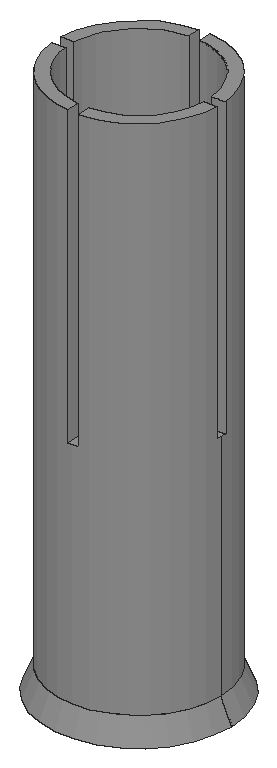
Revit family "Einschlaganker ES M 10x40 A4", category Generic Models, Revit 2017
Family settings
  Can host rebar = No
  Round Connector Dimension = Use Diameter
  Part Type = Normal
  Work Plane-Based = No
  Always vertical = Yes
  Cut with Voids When Loaded = No
  Shared = No
  Room Calculation Point = No
Parameters (values of type "ES M 10x40 A4")
  URL = "http://www.obo-bettermann.com"
  Material = Stainless steel, rustproof
  Manufacturer Art.No. = "3492008"
  Manufacturer = "OBO BETTERMANN"
  GTIN = "4012196709564"
  Article Type = "ES M 10x40 A4"
Reference planes
  plane 1 "Center (Front/Back)": y = 0
  plane 2: z = 0
  plane 3 "Center (Left/Right)": x = 0
  plane 4: z = 38.27
  plane 5: x = -6.7
  plane 6 "6.7": x = 6.7
  plane 7: z = -1.73
  plane 8: z = 16.77
  plane 9: z = 16.77
  plane 10: through (0, 0, 1200) normal (-0.7071, -0.7071, 0)
  plane 11: z = 16.77
  plane 12: z = 16.77
Forms (mm)
  Extrusion 1, solid, material "Stainless steel, rustproof" <- "Material"
    sketch origin (0, 0, 0) x (1, 0, 0) y (0, 1, 0)
      loop
        circle (0, 0) r 5.95
      loop
        circle (0, 0) r 5
    from 0 to 38.27
  Revolve 2, solid, material "Stainless steel, rustproof" <- "Material"
    sketch origin (0, 0, 0) x (1, 0, 0) y (0, 0, 1)
      loop
        line (6.7, -1.73) -> (5.95, 0) -> (5.004, 0) -> (5.004, -1.73) -> (6.7, -1.73)
      axis (0, 0) -> (0, -1.73)
    angle from 0 to 360
  Extrusion 3, void
    sketch origin (0, 0, 0) x (1, 0, 0) y (0, 0, 1)
      loop
        line (-0.4, 38.27) -> (-0.4, 16.77) -> (0.4, 16.77) -> (0.4, 38.27) -> (-0.4, 38.27)
    from 4.744 to 6.845
  Extrusion 4, void
    sketch origin (0, 0, 0) x (1, 0, 0) y (0, 0, -1)
      loop
        line (-0.4, -38.27) -> (0.4, -38.27) -> (0.4, -16.77) -> (-0.4, -16.77) -> (-0.4, -38.27)
    from 4.744 to 6.845
  Extrusion 5, void
    sketch origin (0, 0, 0) x (0, -1, 0) y (0, 0, 1)
      loop
        line (-0.4, 38.27) -> (-0.4, 16.77) -> (0.4, 16.77) -> (0.4, 38.27) -> (-0.4, 38.27)
    from 4.744 to 6.845
  Extrusion 6, void
    sketch origin (0, 0, 0) x (0, -1, 0) y (0, 0, -1)
      loop
        line (-0.4, -38.27) -> (0.4, -38.27) -> (0.4, -16.77) -> (-0.4, -16.77) -> (-0.4, -38.27)
    from 4.744 to 6.845
Cuts and joins
  Extrusion 3, Extrusion 4, Extrusion 5, Extrusion 6 cuts Extrusion 1
Dimensions and locks
  locked: plane 3 "Center (Left/Right)" to Extrusion 1 sketch curve  (x2)
  locked: plane 3 "Center (Left/Right)" to Extrusion 1 sketch curve at 5
  locked: plane 3 "Center (Left/Right)" to Extrusion 1 sketch curve at 5.95
  locked: plane 4 to level at 38.27
  locked: Extrusion 1 to Revolve 2 sketch curve at 1.73
  locked: Revolve 2 sketch curve to Revolve 2 sketch curve at 1.696
  locked: Revolve 2 sketch curve to Revolve 2 sketch curve at 0.946
  locked: plane 4 to plane 8 at 21.5
  locked: Extrusion 3 sketch curve to Extrusion 3 sketch curve at 0.8
  locked: Extrusion 3 sketch curve to plane 3 "Center (Left/Right)" at 0.4
  locked: Extrusion 4 sketch curve to Extrusion 4 sketch curve at 0.8
  locked: Extrusion 5 sketch curve to Extrusion 5 sketch curve at 0.8
  locked: Extrusion 6 sketch curve to Extrusion 6 sketch curve at 0.8
  aligned and locked: level to plane 2
  aligned and locked: plane 4 to Extrusion 1
  aligned and locked: Extrusion 1 to level
  aligned and locked: Revolve 2 sketch curve to plane 3 "Center (Left/Right)"
  aligned and locked: plane 7 to Revolve 2 sketch curve
  aligned and locked: Revolve 2 sketch curve to level
  aligned and locked: Revolve 2 sketch curve to Extrusion 1
